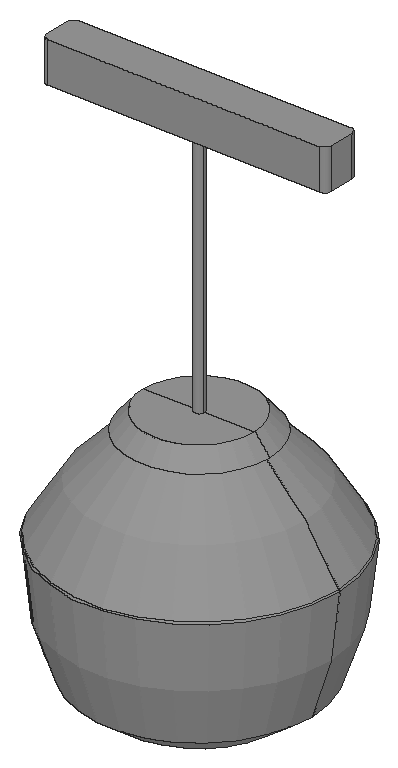
Revit family "63_UN_Pendant_GO-1S Track_Signify", category Lighting Fixtures, Revit 2019
Family settings
  Round Connector Dimension = Use Diameter
  Part Type = Normal
  OmniClass Number = 23.80.70.11
  OmniClass Title = Luminaries for Internal Lighting
  Work Plane-Based = No
  Always vertical = Yes
  Cut with Voids When Loaded = No
  Light Source = No
  Shared = No
  Room Calculation Point = Yes
Parameters (values of type "GO-1S")
  Wattage Comments = "10W"
  Voltage = 230 V
  URL = "https://www.signify.com/global/innovation/3d-printing"
  Type Comments = "GO-1S"
  Pendant_Material = UHMW, Black
  Pendant_Length [instance] = 200 mm
  Symbol_ToScale [instance] = yes
  Symbol_RealSize [instance] = not(Symbol_ToScale)  # no
  Switch Code [instance] = ""
  Model = "Pendant Canopy"
  Manufacturer = "Signify"
  Luminaire Code [instance] = ""
  Lamp = "LED"
  IfcExportType = "USERDEFINED"
  IfcExportAs = "IfcLightFixtureType"
  Housing_Material = Select RGB Value for different appearance
  Description = ""
  Content Creator® = "www.ivlibrary.com"
  Calc_Pendant_Length [instance] = if(Pendant_Length < 200 mm, 200 mm, if(Pendant_Length > 3000 mm, 3000 mm, Pendant_Length))  # 200 mm
  Assembly Code = "63.0"
  Apparent Load = 10 VA
Reference planes
  plane 1 "Center (Front/Back)": y = 0
  plane 2: z = 0
  plane 3 "Center (Left/Right)": x = 0
  plane 4: z = -200
  plane 5: z = -330
Forms (mm)
  Extrusion 1, solid, material "UHMW, Black" <- "Pendant_Material"
    sketch origin (0, 0, 0) x (1, 0, 0) y (0, 1, 0)
      loop
        circle (0, 0) r 3.848
    from -200 to 0
  Extrusion 2, solid, material "UHMW, Black" <- "Pendant_Material"
    sketch origin (0, 0, 0) x (1, 0, 0) y (0, 1, 0)
      loop
        arc (-106.872, 14.982) -> (-110.407, 13.518) -> (-111.872, 9.982) r 5
        line (-111.872, 9.982) -> (-111.872, -9.982)
        arc (-111.872, -9.982) -> (-110.407, -13.518) -> (-106.872, -14.982) r 5
        line (-106.872, -14.982) -> (106.872, -14.982)
        arc (106.872, -14.982) -> (110.407, -13.518) -> (111.872, -9.982) r 5
        line (111.872, -9.982) -> (111.872, 9.982)
        arc (111.872, 9.982) -> (110.407, 13.518) -> (106.872, 14.982) r 5
        line (106.872, 14.982) -> (-106.872, 14.982)
    from -2 to 30
Lines and regions (mm)
  symbolic lines, visible <- "Symbol_RealSize"
    curve 1: circle (0, 0, 0) r 110 normal (0, 0, 1)
    curve 2: line (-77.782, 77.782, 0) -> (0, 0, 0)
    curve 3: line (0, 0, 0) -> (-77.782, -77.782, 0)
    curve 4: line (77.782, 77.782, 0) -> (0, 0, 0)
    curve 5: line (0, 0, 0) -> (77.782, -77.782, 0)
Dimensions and locks
  "Calc_Pendant_Length": plane 2 to plane 4
  locked: plane 4 to plane 5 at 130
  Extrusion 2 sketch curve to Extrusion 2 sketch curve = 223.743 mm
  Extrusion 2 sketch curve to Extrusion 2 sketch curve = 29.965 mm
  aligned and locked: level to plane 2
  aligned and locked: plane 2 to Extrusion 1
  aligned and locked: plane 4 to Extrusion 1
  aligned and locked: nested 1 to plane 4
Automatic sketch dimensions
  plane 1 "Center (Front/Back)" to curve 2 = 0 mm
  curve 2 to plane 3 "Center (Left/Right)" = 0 mm
  plane 1 "Center (Front/Back)" to curve 1 = 0 mm
  curve 1 to plane 3 "Center (Left/Right)" = 0 mm
  curve 3 to plane 3 "Center (Left/Right)" = 77.782 mm
  curve 2 to plane 3 "Center (Left/Right)" = 77.782 mm
  plane 1 "Center (Front/Back)" to curve 5 = 77.782 mm
  plane 1 "Center (Front/Back)" to Extrusion 1 sketch curve = 0 mm
  Extrusion 1 sketch curve to plane 3 "Center (Left/Right)" = 0 mm
  plane 1 "Center (Front/Back)" to Extrusion 2 sketch curve = 9.982 mm
  Extrusion 2 sketch curve to plane 3 "Center (Left/Right)" = 111.872 mm
  Extrusion 2 sketch curve to Extrusion 2 sketch curve = 5 mm  (x4)
  radius of Extrusion 1 sketch curve = 3.848 mm
Nested families
  nested 1: "GO-1S" at (0, 0, -200), Housing_Material <- "Housing_Material", type "Geometry"
    with Housing_Material Select RGB Value for different appearance
  nested 2: "Ø220 Symbol_Signify" at (0, 0, 0), visible <- "Symbol_ToScale", type "Ø400 Symbol_Signify"
Connectors
  electrical at (0, 0, 0), driven by "Apparent Load", driven by "Voltage"
    settings: index 1, voltage 230 V, apparent load 0 VA, apparent load phase1 10 VA, apparent load phase2 0 VA, apparent load phase3 0 VA, power factor 1, load classification "Other", number of poles 1, system type 31, power factor state 1, is connector primary yes, connector utility no, sub classification motor no, connector description ""
Definition of nested family "GO-1S"
  Parameters (values of type "Geometry")
    URL = "Signify.com"
    Type Comments = ""
    Model = "Geometry"
    Manufacturer = "Signify"
    Lamp = "LED"
    Housing_Material [instance] = none
    Assembly Code = "63.xx"
    Apparent Load = 41 VA
  Reference planes
    plane 1 "Center (Front/Back)": y = 0
    plane 2: z = 0
    plane 3 "Center (Left/Right)": x = 0
    plane 4: z = 0
  Forms (mm)
    Revolve 1, solid, material <- "Housing_Material"
      sketch origin (0, 0, 20.589) x (1, 0, 0) y (0, 0, 1)
        loop
          line (0, -247.565) -> (0, -246.565) -> (-1.749, -246.565)
          spline (-1.749, -246.565) -> (-10.146, -244.363) -> (-18.325, -241.924) -> (-26.285, -239.247) -> (-34.027, -236.333) -> (-41.55, -233.181) -> (-48.854, -229.793) -> (-55.94, -226.168) -> (-62.808, -222.305) -> (-69.458, -218.206) -> (-75.891, -213.869) -> (-82.106, -209.295) -> (-88.103, -204.484)
          spline (-88.103, -204.484) -> (-91.316, -197.43) -> (-94.264, -190.228) -> (-96.946, -182.877) -> (-99.363, -175.378) -> (-101.514, -167.731) -> (-103.4, -159.934) -> (-105.021, -151.989) -> (-106.377, -143.894) -> (-107.466, -135.651) -> (-108.29, -127.258) -> (-108.849, -118.716) -> (-109.141, -110.024)
          line (-109.141, -110.024) -> (-108.519, -108.775)
          spline (-108.519, -108.775) -> (-104.895, -101.831) -> (-101.039, -95.033) -> (-96.951, -88.381) -> (-92.631, -81.875) -> (-88.078, -75.514) -> (-83.293, -69.299) -> (-78.276, -63.229) -> (-73.027, -57.305) -> (-67.544, -51.526) -> (-61.829, -45.892) -> (-55.882, -40.404) -> (-49.701, -35.061)
          line (-49.701, -35.061) -> (-48.785, -34.295) -> (-50.343, -34.295)
          spline (-50.343, -34.295) -> (-56.548, -39.658) -> (-62.519, -45.169) -> (-68.258, -50.826) -> (-73.764, -56.629) -> (-79.036, -62.579) -> (-84.075, -68.675) -> (-88.881, -74.918) -> (-93.454, -81.307) -> (-97.794, -87.842) -> (-101.9, -94.525) -> (-105.774, -101.353) -> (-109.414, -108.328)
          line (-109.414, -108.328) -> (-110.146, -109.797)
          spline (-110.146, -109.797) -> (-109.855, -118.562) -> (-109.295, -127.177) -> (-108.466, -135.642) -> (-107.369, -143.959) -> (-106.003, -152.126) -> (-104.367, -160.143) -> (-102.463, -168.012) -> (-100.291, -175.73) -> (-97.849, -183.3) -> (-95.139, -190.72) -> (-92.159, -197.991) -> (-88.911, -205.112)
          spline (-88.911, -205.112) -> (-82.866, -209.972) -> (-76.601, -214.592) -> (-70.116, -218.971) -> (-63.412, -223.11) -> (-56.488, -227.009) -> (-49.344, -230.667) -> (-41.981, -234.084) -> (-34.398, -237.261) -> (-26.595, -240.198) -> (-18.573, -242.894) -> (-10.331, -245.35) -> (-1.869, -247.565)
          line (-1.869, -247.565) -> (0, -247.565)
        axis (0, -34.295) -> (0, -247.565)
      angle from 0 to 360
    Revolve 2, solid
      sketch origin (0, 0, 0) x (1, 0, 0) y (0, 0, 1)
        loop
          line (0, -13.706) -> (0, 0) -> (-43.617, 0) -> (-55.531, -13.706) -> (0, -13.706)
        axis (0, 0) -> (0, -13.706)
      angle from 0 to 360
  Lines and regions (mm)
    reference lines
      curve 1: line (-173.969, 0, 0) -> (173.969, 0, 0)
  Dimensions and locks
    aligned and locked: level to plane 2
Definition of nested family "Ø220 Symbol_Signify"
  Reference planes
    plane 1: y = 0
    plane 2: x = 0
  Lines and regions (mm)
    detail lines
      curve 1: circle (0, 0, 0) r 1.1 normal (0, 0, 1)
      curve 2: line (0, 0, 0) -> (-0.778, -0.778, 0)
      curve 3: line (-0.778, 0.778, 0) -> (0, 0, 0)
      curve 4: line (0, 0, 0) -> (0.778, -0.778, 0)
      curve 5: line (0.778, 0.778, 0) -> (0, 0, 0)
